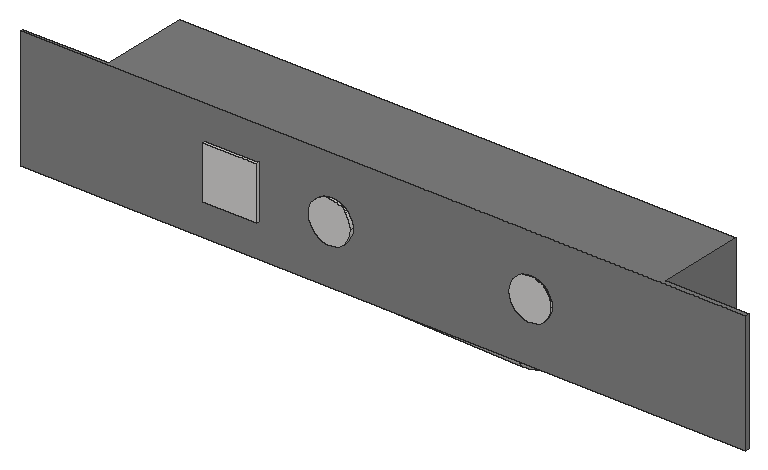
Revit family "400F", category Generic Models, Revit 2021
Family settings
  Can host rebar = No
  Round Connector Dimension = Use Diameter
  Part Type = Normal
  Work Plane-Based = No
  Always vertical = Yes
  Cut with Voids When Loaded = No
  Shared = No
  Room Calculation Point = No
Parameters (values of type "Standard")
  e-mail = "info@vola.com"
  URL = "http://vola.com"
  Telephone = "+45 7023 5500"
  Quality management standard = "ISO 9001"
  Organisation no. / DUNS no. = "17531328"
  Occupational health and safety management standard = "ISO 18001"
  Mounting Instructions = "http://vola.com/service/producturl.ashx?name=400F"
  Model = "400F"
  Materials and components information = "http://vola.com/service/producturl.ashx?name=400F"
  Manufacturer = "VOLA A/S"
  Maintenance Instructions = "http://vola.com/service/producturl.ashx?name=400F"
  Guarantee = "2 years"
  Flow = "15,00 l/min"
  Environmental management standard = "ISO 14000"
  Default Elevation = 0.00 mm
  Connection - All relevant connections = ""
  Approvals = "http://vola.com/service/producturl.ashx?name=400F"
Reference planes
  plane 1 "Center (Front/Back)": y = 0
  plane 2: z = 0
  plane 3 "Center (Left/Right)": x = 0
  plane 4 "Center Plane (Horizontal)": z = 69.25
  plane 5: y = -73.5
  plane 6: y = -26
Forms (mm)
  Extrusion 1, solid, material "Stainless Steel"
    sketch origin (0, -1, 0.25) x (1, 0, 0) y (0, 0, 1)
      loop
        circle (39, 69) r 16.5
    from 70.5 to 72.5
  Extrusion 2, solid, material "Stainless Steel"
    sketch origin (1032.5, -3.5, 0.25) x (-1, 0, 0) y (0, 0, -1)
      loop
        line (1092.5, -90) -> (1092.5, -48) -> (1050.5, -48) -> (1050.5, -90) -> (1092.5, -90)
    from 68 to 70
  Extrusion 3, solid, material "Default"
    sketch origin (0, -1, 0.25) x (1, 0, 0) y (0, 1, 0)
      loop
        line (-137.5, 1) -> (-137.5, -68) -> (298.5, -68) -> (298.5, 1) -> (-137.5, 1)
    from 21.5 to 116.5
  Extrusion 4, solid, material "Stainless Steel"
    sketch origin (0, -1, 21.75) x (0, 1, 0) y (1, 0, 0)
      loop
        circle (-25, -12) r 14
    from 0 to 21.75
  Extrusion 5, solid, material "Stainless Steel"
    sketch origin (-54, -1, 21.75) x (0, 1, 0) y (1, 0, 0)
      loop
        circle (-25, -12) r 14
    from 0 to 21.75
  Extrusion 6, solid, material "Stainless Steel"
    sketch origin (156, -1, 0.25) x (1, 0, 0) y (0, 0, 1)
      loop
        circle (39, 69) r 16.5
    from 70.5 to 71
  Extrusion 7, solid, material "Default"
    sketch origin (0, -1, 0.25) x (1, 0, 0) y (0, 1, 0)
      loop
        line (-205, -68) -> (-205, -70.5) -> (363.5, -70.5) -> (363.5, -68) -> (-205, -68)
    from 21.5 to 116.5
  Sweep 8, solid, material "Stainless Steel"
    path origin (0.024, -40.639, 0.25) x (-0.999391, 0.034899, 0) y (0, 0, 1)
      loop
        line (-39, 69) -> (-39, 32.81)
        arc (-39, 32.81) -> (-45.59, 16.9) -> (-61.5, 10.31) r 22.5
        line (-61.5, 10.31) -> (-172.5, 10.31)
        arc (-172.5, 10.31) -> (-188.41, 16.9) -> (-195, 32.81) r 22.5
        line (-195, 32.81) -> (-195, 69)
    profile origin (39, -42, 51.155) x (0.034899, 0.999391, 0) y (-0.999391, 0.034899, 0)
      loop
        circle (0, 0) r 7.5
  Extrusion 9, void
    sketch origin (0, -1, 21.75) x (1, 0, 0) y (0, 1, 0)
      loop
        line (204.52, -70.5) -> (204.52, -20.5) -> (19.52, -20.5) -> (19.52, -70.5) -> (204.52, -70.5)
    from 0 to 20
Cuts and joins
  joined: Extrusion 3, Extrusion 7
  Extrusion 9 cuts Extrusion 1
  Extrusion 9 cuts Extrusion 6
  Extrusion 9 cuts Sweep 8
Lines and regions (mm)
  reference lines
    curve 1: line (-39, -26, 69.25) -> (-39, -123.5, 69.25)
    curve 2: line (39, -26, 69.25) -> (39, -123.5, 69.25)
    curve 3: line (-66, -26, 69.25) -> (-66, -26, -29.75)
    curve 4: line (-12, -26, 69.25) -> (-12, -26, -29.75)
    curve 5: line (195, -26, 69.25) -> (195, -123.5, 69.25)
    curve 6: line (39, -39, 69.25) -> (39, -39, 168.25)
Dimensions and locks
  plane 1 "Center (Front/Back)" to plane 6 = 26.00 mm
  aligned and locked: plane 2 to level
  aligned and locked: Extrusion 7 to Extrusion 3
  aligned and locked: Extrusion 3 to Extrusion 7
